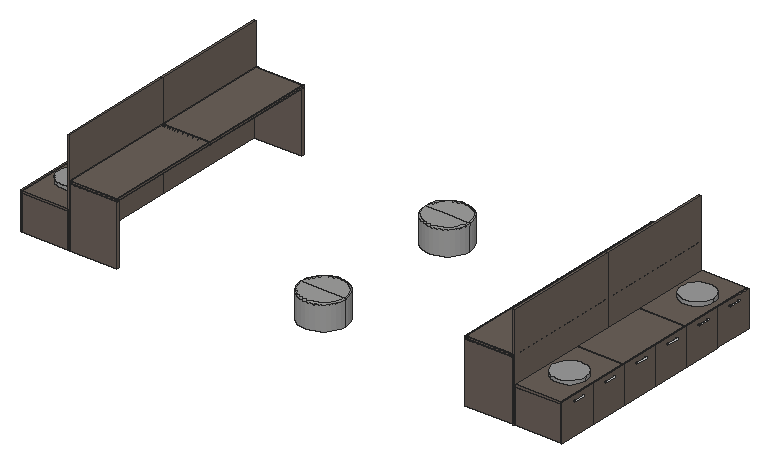
Revit family "T200163", category Furniture, Revit 2018
Family settings
  OmniClass Number = 23.40.20.00
  OmniClass Title = General Furniture and Specialties
  Work Plane-Based = No
  Always vertical = No
  Cut with Voids When Loaded = No
  Shared = No
  Room Calculation Point = No
Parameters (values of type "T200163")
  URL = "https://ofs.com/"
  Model = "T200163"
  Manufacturer = "OFS"
  Description = "OFS TYPICAL T200163"
  Copyright © = "©OFS 2021"
  Catalog = "https://ofs.com/2020-experience"
  Authoring Version = "Autodesk Revit Architecture 2015"
  Assembly Code = "E2020400"
Reference planes (in)
  plane 1 "Center Front/Back": y = 0
  plane 2: z = 0
  plane 3 "Center Left/Right": x = 0
Dimensions and locks (in)
  equal spacing: group 1, group 2, group 3  (x3)
  aligned and locked: level to plane 2
Nested families (in)
  nested 1: "OFS ELEMENT OPEN L DESK LEFT AND RIGHT 84in Width 60in Return" at (102, 18.84375, 84), type "ELEMENT OPEN L DESK LEFT RETURN 84in Width 60in Return"
    with Right Desk Ovelay no, Left Desk Overlay no, Desk Overlay Option yes
  nested 2: "STAKS ROUND CUSHION" at (-135.62955, -48.47235, -3.25), type "STAKS ROUND CUSHION"
  nested 3: "STAKS ROUND CUSHION" at (-135.62955, 25.74965, -3.25), type "STAKS ROUND CUSHION"
  nested 4: "STAKS END PANELS" at (-85.21493, -54.62535, 0), type "STAKS END PANEL 28 X 22"
  nested 5: "STAKS END PANELS" at (-85.21493, 52.37465, 0), type "STAKS END PANEL 28 X 22"
  nested 6: "STAKS RECTANGULAR WORKSURFACES Long Grain" at (-104.54859, -61.55498, 0.125) x (0, 1, 0) z (0, 0, 1), type "STAKS RECTANGULAR WORKSURFACE 54 x 22"
    with Height Above Floor 29"
  nested 7: "STAKS RECTANGULAR WORKSURFACES Long Grain" at (-104.54859, 61.55498, 0.125) x (0, -1, 0) z (0, 0, 1), type "STAKS RECTANGULAR WORKSURFACE 54 x 22"
    with Height Above Floor 29"
  nested 8: "STAKS SINGLE BENCH HEIGHT PEDESTAL - NO RISER SUPPORT" at (-123.71528, -14.99489, 0) x (0, -1, 0) z (0, 0, 1), type "STAKS SINGLE BENCH HEIGHT PEDESTAL - NO RISER SUPPORT 24"
    with DOOR DRAWER no
  nested 9: "STAKS SINGLE BENCH HEIGHT PEDESTAL - NO RISER SUPPORT" at (-123.71528, 21.00511, 0) x (0, -1, 0) z (0, 0, 1), type "STAKS SINGLE BENCH HEIGHT PEDESTAL - NO RISER SUPPORT 24"
    with DOOR DRAWER no
  nested 10: "STAKS SINGLE BENCH HEIGHT PEDESTAL - NO RISER SUPPORT" at (-123.71528, 57.00511, 0) x (0, -1, 0) z (0, 0, 1), type "STAKS SINGLE BENCH HEIGHT PEDESTAL - NO RISER SUPPORT 24"
    with DOOR DRAWER no
  nested 11: "STAKS SPINE OR DIVIDER WALL 48in" at (-105.54859, -61.55498, 0) x (0, 1, 0) z (0, 0, 1), type "STAKS SPINE OR DIVIDER WALL 48in X 54in"
    with Height Above Floor 48"
  nested 12: "STAKS SPINE OR DIVIDER WALL 48in" at (-105.54859, -7.55498, 0) x (0, 1, 0) z (0, 0, 1), type "STAKS SPINE OR DIVIDER WALL 48in X 54in"
    with Height Above Floor 48"
  nested 13: "OFS BOOST MINI SERIES ROUND" at (1.33821, 34.96414, 0), type "Mini Round Ottoman 20.75"
  nested 14: "OFS BOOST MINI SERIES ROUND" at (0.94461, -36.5014, 0), type "Mini Round Ottoman 20.75"
  nested 15: "STAKS ROUND CUSHION" at (135.62955, -48.47235, -3.25) x (-1, 0, 0) z (0, 0, 1), type "STAKS ROUND CUSHION"
  nested 16: "STAKS ROUND CUSHION" at (135.62955, 25.74965, -3.25) x (-1, 0, 0) z (0, 0, 1), type "STAKS ROUND CUSHION"
  nested 17: "STAKS END PANELS" at (85.21493, -54.62535, 0) x (-1, 0, 0) z (0, 0, 1), type "STAKS END PANEL 28 X 22"
  nested 18: "STAKS END PANELS" at (85.21493, 52.37465, 0) x (-1, 0, 0) z (0, 0, 1), type "STAKS END PANEL 28 X 22"
  nested 19: "STAKS RECTANGULAR WORKSURFACES Long Grain" at (104.54859, -61.55498, 0.125) x (0, 1, 0) z (0, 0, 1), type "STAKS RECTANGULAR WORKSURFACE 54 x 22"
    with Height Above Floor 29"
  nested 20: "STAKS RECTANGULAR WORKSURFACES Long Grain" at (104.54859, 61.55498, 0.125) x (0, -1, 0) z (0, 0, 1), type "STAKS RECTANGULAR WORKSURFACE 54 x 22"
    with Height Above Floor 29"
  nested 21: "STAKS SINGLE BENCH HEIGHT PEDESTAL - NO RISER SUPPORT" at (123.71528, -14.99489, 0) x (0, -1, 0) z (0, 0, 1), type "STAKS SINGLE BENCH HEIGHT PEDESTAL - NO RISER SUPPORT 24"
    with DOOR DRAWER no
  nested 22: "STAKS SINGLE BENCH HEIGHT PEDESTAL - NO RISER SUPPORT" at (123.71528, 21.00511, 0) x (0, -1, 0) z (0, 0, 1), type "STAKS SINGLE BENCH HEIGHT PEDESTAL - NO RISER SUPPORT 24"
    with DOOR DRAWER no
  nested 23: "STAKS SINGLE BENCH HEIGHT PEDESTAL - NO RISER SUPPORT" at (123.71528, 57.00511, 0) x (0, -1, 0) z (0, 0, 1), type "STAKS SINGLE BENCH HEIGHT PEDESTAL - NO RISER SUPPORT 24"
    with DOOR DRAWER no
  nested 24: "STAKS SPINE OR DIVIDER WALL 48in" at (105.54859, -61.55498, 0) x (0, 1, 0) z (0, 0, 1), type "STAKS SPINE OR DIVIDER WALL 48in X 54in"
    with Height Above Floor 48"
  nested 25: "STAKS SPINE OR DIVIDER WALL 48in" at (105.54859, -7.55498, 0) x (0, 1, 0) z (0, 0, 1), type "STAKS SPINE OR DIVIDER WALL 48in X 54in"
    with Height Above Floor 48"
Definition of nested family "STAKS ROUND CUSHION"
  Parameters (values of type "STAKS ROUND CUSHION")
    URL = "http://www.ofs.com/"
    Cushion Thickness = 1 1/2"
    Cushion Material = none
    Model = "6-20RSC"
    Manufacturer = "OFS"
    Height = 20 1/4"
    Description = "OFS STAKS ROUND CUSHION, Not Permanently Installed, this Cushion Simply Rests on the Surface"
    Width = 15"
    Depth = 15"
    Copyright © = "© 2018 OFS"
    Catalog = "https://ofs.com/products/casegoods/private-office/staks"
    Authoring Version = "Autodesk Revit Architecture 2013"
    Assembly Code = "E2020200"
  Reference planes (in)
    plane 1: z = 0
    plane 2 "Right": x = 20.97711
    plane 3: x = 13.47711
    plane 4: y = 5.00035
    plane 5: y = 20.00035
    plane 6: x = 28.47711
    plane 7: z = 20.25
    plane 8: z = 21.75
  Forms (in)
    Extrusion 1, solid, material <- "Cushion Material"
      sketch origin (0, 0, 0) x (1, 0, 0) y (0, 1, 0)
        loop
          circle (20.97711, 12.50035) r 7.5
      from 20.25 to 21.75
  Dimensions and locks (in)
    "Width": plane 3 to plane 6
    equal spacing: plane 3, plane 2 "Right", plane 6
    "Depth": plane 4 to plane 5
    "Cushion Thickness": plane 8 to plane 7
    "Height": plane 7 to level
    aligned and locked: level to plane 1
    aligned and locked: plane 8 to Extrusion 1
    aligned and locked: Extrusion 1 to plane 7
  Automatic sketch dimensions
    Extrusion 1 sketch curve to plane 2 "Right" = 0"
    Extrusion 1 sketch curve to plane 4 = 7 1/2"
    radius of Extrusion 1 sketch curve = 7 1/2"
Definition of nested family "STAKS END PANELS"
  Parameters (values of type "STAKS END PANEL 28 X 22")
    URL = "http://www.ofs.com"
    Width = 22"
    Model = "6-2822TEP"
    Manufacturer = "OFS"
    Height = 27 7/8"
    Description = "28 X 22 SUPPORT END PANEL"
    Copyright © = "©OFS 2018"
    Catalog = "https://ofs.com/products/casegoods/private-office/staks"
    Authoring Version = "Autodesk Revit Architecture 2018"
    Assembly Code = "E2020200"
  Types (6): name | Width | Model | Height | Description
    STAKS END PANEL 28 X 22 | 22" | "6-2822TEP" | 27 7/8" | "28 X 22 SUPPORT END PANEL"
    STAKS END PANEL 28 X 30 | 30" | "6-2830TEP" | 27 7/8" | "28 X 30 SUPPORT END PANEL"
    STAKS END PANEL 28 X 36 | 36" | "6-2836TEP" | 27 7/8" | "28 X 36 SUPPORT END PANEL"
    STAKS END PANEL 28 X 22 MEP | 22" | "6-2822MEP" | 27 7/8" | "28 X 22 SUPPORT END PANEL MEP"
    STAKS END PANEL 21 x 22 | 22" | "6-2122TEP" | 21 7/8" | "21 X 22 SUPPORT END PANEL"
    STAKS END PANEL 21 X 22 MEP | 22" | "6-2122MEP" | 21 7/8" | "21 X 22 SUPPORT END PANEL MEP"
  Reference planes (in)
    plane 1: z = 0
    plane 2 "Back": y = 1.62535
    plane 3 "PANEL Top": z = 27.375
    plane 4 "RIGHT": x = -6.5
    plane 5: y = 0.62535
    plane 6: x = 4.5
    plane 7: x = -17.5
    plane 8: z = 27.875
    plane 9: x = 4.375
    plane 10: x = -17.375
  Forms (in)
    Extrusion 1, solid
      sketch origin (-5.5, 5, -0.18015) x (0, 1, 0) y (0, 0, 1)
        loop
          line (-4.37465, 28.05515) -> (-4.37465, 0.18015) -> (-3.37465, 0.18015) -> (-3.37465, 28.05515) -> (-4.37465, 28.05515)
      from -12 to 10
    Extrusion 2, solid
      sketch origin (0, 0, 27.375) x (-1, 0, 0) y (0, -1, 0)
        loop
          line (17.375, -1.50035) -> (17.375, -0.75035) -> (-4.375, -0.75035) -> (-4.375, -1.50035) -> (17.375, -1.50035)
      from 0.5 to 0
  Lines and regions (in)
    Masking region 1
      outline origin (-5.5, 0, 0) x (1, 0, 0) y (0, 1, 0)
        loop
          line (-12, 1.62535) -> (-12, 0.62535) -> (10, 0.62535) -> (10, 1.62535) -> (-12, 1.62535)
  Dimensions and locks (in)
    locked: plane 5 to plane 2 "Back" at 1
    equal spacing: plane 7, plane 4 "RIGHT", plane 6
    "Width": plane 7 to plane 6
    locked: plane 7 to plane 10 at 0.125
    locked: plane 9 to plane 6 at 0.125
    "Height": plane 8 to level
    locked: plane 8 to plane 3 "PANEL Top" at 0.5
    aligned and locked: level to plane 1
    aligned and locked: plane 5 to Extrusion 1
    aligned and locked: plane 5 to Masking region 1
    aligned and locked: Masking region 1 to plane 2 "Back"
    aligned and locked: Extrusion 1 to plane 2 "Back"
    aligned and locked: plane 6 to Masking region 1
    aligned and locked: plane 6 to Extrusion 1
    aligned and locked: Extrusion 1 to plane 7
    aligned and locked: Masking region 1 to plane 7
    aligned: plane 3 "PANEL Top" to Extrusion 1
    aligned and locked: plane 8 to Extrusion 1
    aligned and locked: Extrusion 2 sketch curve to plane 10
    aligned and locked: plane 9 to Extrusion 2 sketch curve
    aligned and locked: Extrusion 2 to plane 8
    aligned and locked: plane 3 "PANEL Top" to Extrusion 2
  Automatic sketch dimensions
    plane 3 "PANEL Top" to Extrusion 1 sketch curve = 1/2"
    Extrusion 1 sketch curve to plane 5 = 0"
    Extrusion 1 sketch curve to level = 0"
    Extrusion 1 sketch curve to plane 2 "Back" = 0"
    plane 5 to Masking region 1 sketch curve = 0"
    Masking region 1 sketch curve to plane 7 = 0"
    plane 2 "Back" to Masking region 1 sketch curve = 0"
    Masking region 1 sketch curve to plane 6 = 0"
    plane 2 "Back" to Extrusion 2 sketch curve = 1/8"
    Extrusion 2 sketch curve to plane 5 = 1/8"
Definition of nested family "STAKS RECTANGULAR WORKSURFACES Long Grain"
  Parameters (values of type "STAKS RECTANGULAR WORKSURFACE 42 x 22")
    URL = "http://www.ofs.com/"
    Staks Rectangular Worksurface = none
    Height Above Floor [instance] = 29"
    Height = 1 1/8"
    Depth = 22"
    Model = "6-MCT-42/22"
    Manufacturer = "OFS"
    Description = "OFS STAKS 42 X 22 RECTANGULAR WORKSURFACE For Worksurface or Low Height Applications, Long Grain"
    Width = 42"
    Copyright © = "© 2018 OFS"
    Catalog = "https://ofs.com/products/casegoods/private-office/staks"
    Authoring Version = "Autodesk Revit Architecture 2013"
    Assembly Code = "E2020200"
  Types (27): name | Model | Description | Width
    STAKS RECTANGULAR WORKSURFACE 15.625 x 22 | "6-MCT-15.625/22" | "OFS STAKS 15.625 X 22 RECTANGULAR WORKSURFACE For Worksurface or Low Height Applications, Long Grain" | 15 5/8"
    STAKS RECTANGULAR WORKSURFACE 24 x 22 | "6-MCT-24/22" | "OFS STAKS 24 X 22 RECTANGULAR WORKSURFACE For Worksurface or Low Height Applications, Long Grain" | 24"
    STAKS RECTANGULAR WORKSURFACE 30 x 22 | "6-MCT-30/22" | "OFS STAKS 30 X 22 RECTANGULAR WORKSURFACE For Worksurface or Low Height Applications, Long Grain" | 30"
    STAKS RECTANGULAR WORKSURFACE 34 x 22 | "6-MCT-34/22" | "OFS STAKS 34 X 22 RECTANGULAR WORKSURFACE For Worksurface or Low Height Applications, Long Grain" | 34"
    STAKS RECTANGULAR WORKSURFACE 36 x 22 | "6-MCT-36/22" | "OFS STAKS 36 X 22 RECTANGULAR WORKSURFACE For Worksurface or Low Height Applications, Long Grain" | 36"
    STAKS RECTANGULAR WORKSURFACE 42 x 22 | "6-MCT-42/22" | "OFS STAKS 42 X 22 RECTANGULAR WORKSURFACE For Worksurface or Low Height Applications, Long Grain" | 42"
    STAKS RECTANGULAR WORKSURFACE 46 x 22 | "6-MCT-46/22" | "OFS STAKS 46 X 22 RECTANGULAR WORKSURFACE For Worksurface or Low Height Applications, Long Grain" | 46"
    STAKS RECTANGULAR WORKSURFACE 48 x 22 | "6-MCT-48/22" | "OFS STAKS 48 X 22 RECTANGULAR WORKSURFACE For Worksurface or Low Height Applications, Long Grain" | 48"
    STAKS RECTANGULAR WORKSURFACE 48.5 x 22 | "6-MCT-48.5/22" | "OFS STAKS 48.5 X 22 RECTANGULAR WORKSURFACE For Worksurface or Low Height Applications, Long Grain" | 48 1/2"
    STAKS RECTANGULAR WORKSURFACE 54 x 22 | "6-MCT-54/22" | "OFS STAKS 54 X 22 RECTANGULAR WORKSURFACE For Worksurface or Low Height Applications, Long Grain" | 54"
    STAKS RECTANGULAR WORKSURFACE 55.5 x 22 | "6-MCT-55.5/22" | "OFS STAKS 55.5 X 22 RECTANGULAR WORKSURFACE For Worksurface or Low Height Applications, Long Grain" | 55 1/2"
    STAKS RECTANGULAR WORKSURFACE 59 x 22 | "6-MCT-59/22" | "OFS STAKS 59 X 22 RECTANGULAR WORKSURFACE For Worksurface or Low Height Applications, Long Grain" | 59"
    STAKS RECTANGULAR WORKSURFACE 60 x 22 | "6-MCT-60/22" | "OFS STAKS 60 X 22 RECTANGULAR WORKSURFACE For Worksurface or Low Height Applications, Long Grain" | 60"
    STAKS RECTANGULAR WORKSURFACE 64 x 22 | "6-MCT-64/22" | "OFS STAKS 64 X 22 RECTANGULAR WORKSURFACE For Worksurface or Low Height Applications, Long Grain" | 64"
    STAKS RECTANGULAR WORKSURFACE 66 x 22 | "6-MCT-66/22" | "OFS STAKS 66 X 22 RECTANGULAR WORKSURFACE For Worksurface or Low Height Applications, Long Grain" | 66"
    STAKS RECTANGULAR WORKSURFACE 69.625 x 22 | "6-MCT-69.625/22" | "OFS STAKS 69.625 X 22 RECTANGULAR WORKSURFACE For Worksurface or Low Height Applications, Long Grain" | 69 5/8"
    STAKS RECTANGULAR WORKSURFACE 70.5 x 22 | "6-MCT-70.5/22" | "OFS STAKS 70.5 X 22 RECTANGULAR WORKSURFACE For Worksurface or Low Height Applications, Long Grain" | 70 1/2"
    STAKS RECTANGULAR WORKSURFACE 72 x 22 | "6-MCT-72/22" | "OFS STAKS 72 X 22 RECTANGULAR WORKSURFACE For Worksurface or Low Height Applications, Long Grain" | 72"
    STAKS RECTANGULAR WORKSURFACE 74 x 22 | "6-MCT-74/22" | "OFS STAKS 74 X 22 RECTANGULAR WORKSURFACE For Worksurface or Low Height Applications, Long Grain" | 74"
    STAKS RECTANGULAR WORKSURFACE 78 x 22 | "6-MCT-78/22" | "OFS STAKS 78 X 22 RECTANGULAR WORKSURFACE For Worksurface or Low Height Applications, Long Grain" | 78"
    STAKS RECTANGULAR WORKSURFACE 82.5 x 22 | "6-MCT-82.5/22" | "OFS STAKS 82.5 X 22 RECTANGULAR WORKSURFACE For Worksurface or Low Height Applications, Long Grain" | 82 1/2"
    STAKS RECTANGULAR WORKSURFACE 84 x 22 | "6-MCT-84/22" | "OFS STAKS 84 X 22 RECTANGULAR WORKSURFACE For Worksurface or Low Height Applications, Long Grain" | 84"
    STAKS RECTANGULAR WORKSURFACE 87.625 x 22 | "6-MCT-87.625/22" | "OFS STAKS 87.625 X 22 RECTANGULAR WORKSURFACE For Worksurface or Low Height Applications, Long Grain" | 87 5/8"
    STAKS RECTANGULAR WORKSURFACE 90 x 22 | "6-MCT-90/22" | "OFS STAKS 90 X 22 RECTANGULAR WORKSURFACE For Worksurface or Low Height Applications, Long Grain" | 90"
    STAKS RECTANGULAR WORKSURFACE 94 x 22 | "6-MCT-94/22" | "OFS STAKS 94 X 22 RECTANGULAR WORKSURFACE For Worksurface or Low Height Applications, Long Grain" | 94"
    STAKS RECTANGULAR WORKSURFACE 96 x 22 | "6-MCT-96/22" | "OFS STAKS 96 X 22 RECTANGULAR WORKSURFACE For Worksurface or Low Height Applications, Long Grain" | 96"
    STAKS RECTANGULAR WORKSURFACE 40 x 22 | "6-MCT-40/22" | "OFS STAKS 42 X 22 RECTANGULAR WORKSURFACE For Worksurface or Low Height Applications, Long Grain" | 40"
  Reference planes (in)
    plane 1: z = -0.125
    plane 2 "LEFT": x = 7.55498
    plane 3 "RIGHT": x = 49.55498
    plane 4 "BACK": y = -1.83365
    plane 5 "FRONT": y = -23.83365
    plane 6: x = 7.67998
    plane 7: x = 49.42998
    plane 8: y = -1.95865
    plane 9: y = -23.70865
    plane 10: z = 27.75
    plane 11 "SURFACE TOP": z = 28.875
  Forms (in)
    Extrusion 1, solid, material <- "Staks Rectangular Worksurface"
      sketch origin (0, 0, 17.125) x (-1, 0, 0) y (0, -1, 0)
        loop
          line (-7.67998, 1.95865) -> (-7.67998, 23.70865) -> (-49.42998, 23.70865) -> (-49.42998, 1.95865) -> (-7.67998, 1.95865)
      from 11.75 to 10.625
    Sweep 2, solid
      path origin (0, 0, 28.875) x (0, 1, 0) y (-1, 0, 0)
        loop
          line (-23.83365, -7.55498) -> (-23.83365, -49.55498) -> (-1.83365, -49.55498) -> (-1.83365, -7.55498) -> (-23.83365, -7.55498)
      profile origin (28.55498, -23.83365, 28.875) x (0, 1, 0) y (0, 0, 1)
        loop
          arc (0.125, 0) -> (0.03661, -0.03661) -> (0, -0.125) r 0.125
          line (0, -0.125) -> (0, -1)
          arc (0, -1) -> (0.03661, -1.08839) -> (0.125, -1.125) r 0.125
          line (0.125, -1.125) -> (0.125, 0)
  Lines and regions (in)
    Masking region 1
      outline origin (0, 0, 16.625) x (-1, 0, 0) y (0, -1, 0)
        loop
          line (-7.67998, 1.95865) -> (-7.55498, 1.83365) -> (-7.55498, 23.83365) -> (-7.67998, 23.70865) -> (-7.67998, 1.95865)
    Masking region 2
      outline origin (0, 0, 16.625) x (-1, 0, 0) y (0, -1, 0)
        loop
          line (-7.55498, 1.83365) -> (-7.67998, 1.95865) -> (-49.42998, 1.95865) -> (-49.55498, 1.83365) -> (-7.55498, 1.83365)
    Masking region 3
      outline origin (0, 0, 16.625) x (-1, 0, 0) y (0, -1, 0)
        loop
          line (-49.55498, 1.83365) -> (-49.42998, 1.95865) -> (-49.42998, 23.70865) -> (-49.55498, 23.83365) -> (-49.55498, 1.83365)
    Masking region 4
      outline origin (0, 0, 16.625) x (-1, 0, 0) y (0, -1, 0)
        loop
          line (-49.55498, 23.83365) -> (-49.42998, 23.70865) -> (-7.67998, 23.70865) -> (-7.55498, 23.83365) -> (-49.55498, 23.83365)
    Masking region 5
      outline origin (0, 0, 16.625) x (-1, 0, 0) y (0, -1, 0)
        loop
          line (-49.42998, 23.70865) -> (-49.42998, 1.95865) -> (-7.67998, 1.95865) -> (-7.67998, 23.70865) -> (-49.42998, 23.70865)
  Dimensions and locks (in)
    "Depth": plane 4 "BACK" to plane 5 "FRONT"
    "Width": plane 2 "LEFT" to plane 3 "RIGHT"
    "Height": plane 11 "SURFACE TOP" to plane 10
    locked: plane 4 "BACK" to plane 8 at 0.125
    locked: plane 2 "LEFT" to plane 6 at 0.125
    locked: plane 7 to plane 3 "RIGHT" at 0.125
    locked: plane 9 to plane 5 "FRONT" at 0.125
    "Height Above Floor": plane 11 "SURFACE TOP" to level
    aligned: level to plane 1
    aligned and locked: plane 8 to Extrusion 1 sketch curve
    aligned and locked: Extrusion 1 sketch curve to plane 6
    aligned and locked: Extrusion 1 sketch curve to plane 9
    aligned and locked: plane 7 to Extrusion 1 sketch curve
    aligned and locked: plane 11 "SURFACE TOP" to Extrusion 1
    aligned and locked: Extrusion 1 to plane 10
    aligned and locked: Sweep 2 sketch curve to plane 5 "FRONT"
    aligned and locked: Sweep 2 sketch curve to plane 2 "LEFT"
    aligned and locked: plane 4 "BACK" to Sweep 2 sketch curve
    aligned and locked: plane 3 "RIGHT" to Sweep 2 sketch curve
  Automatic sketch dimensions
    Masking region 1 sketch curve to plane 6 = 0"
    Masking region 1 sketch curve to plane 2 "LEFT" = 0"
    Masking region 1 sketch curve to plane 4 "BACK" = 0"
    Masking region 1 sketch curve to plane 8 = 0"
    Masking region 1 sketch curve to plane 9 = 0"
    Masking region 1 sketch curve to plane 5 "FRONT" = 0"
    Masking region 2 sketch curve to plane 3 "RIGHT" = 0"
    Masking region 2 sketch curve to plane 7 = 0"
    Masking region 2 sketch curve to plane 6 = 0"
    Masking region 2 sketch curve to plane 2 "LEFT" = 0"
    Masking region 2 sketch curve to plane 4 "BACK" = 0"
    Masking region 2 sketch curve to plane 8 = 0"
    Masking region 3 sketch curve to plane 3 "RIGHT" = 0"
    Masking region 3 sketch curve to plane 7 = 0"
    Masking region 3 sketch curve to plane 4 "BACK" = 0"
    Masking region 3 sketch curve to plane 8 = 0"
    Masking region 3 sketch curve to plane 9 = 0"
    Masking region 3 sketch curve to plane 5 "FRONT" = 0"
    Masking region 4 sketch curve to plane 3 "RIGHT" = 0"
    Masking region 4 sketch curve to plane 7 = 0"
    Masking region 4 sketch curve to plane 6 = 0"
    Masking region 4 sketch curve to plane 2 "LEFT" = 0"
    Masking region 4 sketch curve to plane 9 = 0"
    Masking region 4 sketch curve to plane 5 "FRONT" = 0"
    Masking region 5 sketch curve to plane 7 = 0"
    Masking region 5 sketch curve to plane 6 = 0"
    Masking region 5 sketch curve to plane 8 = 0"
    Masking region 5 sketch curve to plane 9 = 0"
    Sweep 2 sketch curve to profile plane = 0"
    Sweep 2 sketch curve to plane 11 "SURFACE TOP" = 0"
    Sweep 2 sketch curve to profile plane = 1/8"
    Sweep 2 sketch curve to Sweep 2 sketch curve = 7/8"
Definition of nested family "STAKS SINGLE BENCH HEIGHT PEDESTAL - NO RISER SUPPORT"
  Parameters (values of type "STAKS SINGLE BENCH HEIGHT PEDESTAL - NO RISER SUPPORT 36")
    URL = "http://www.ofs.com/"
    Top Thickness = 1"
    Riser Support = 0"
    Model = "6-N3622SSHC"
    Manufacturer = "OFS"
    Height = 17"
    Drawer Material = none
    Drawer Handle Width = 5 1/4"
    Drawer Handle Material = none
    Description = "OFS STAKS SINGLE BENCH HEIGHT PEDESTAL - NO RISER SUPPORT 36\"W x 22\" D, Single Pedestal, Use with 22\"D Worksurfaces"
    Width = 36"
    Depth = 21 7/8"
    DOOR DRAWER = yes
    DH2 = 6 1/2"
    DH1 = 10"
    Copyright © = "© 2018 OFS"
    Chasis Material = none
    Catalog = "https://ofs.com/products/casegoods/private-office/staks"
    Board Thickness = 3/4"
    Authoring Version = "Autodesk Revit Architecture 2013"
    Assembly Code = "E2020200"
    2 Door = yes
  Types (3): name | Model | Description | Width
    STAKS SINGLE BENCH HEIGHT PEDESTAL - NO RISER SUPPORT 24 | "6-N3622SSHC" | "OFS STAKS SINGLE BENCH HEIGHT PEDESTAL - NO RISER SUPPORT 36\"W x 22\" D, Single Pedestal, Use with 22\"D Worksurfaces" | 36"
    STAKS SINGLE BENCH HEIGHT PEDESTAL - NO RISER SUPPORT 30 | "6-N3022SSHC" | "OFS STAKS SINGLE BENCH HEIGHT PEDESTAL - NO RISER SUPPORT 30\"W x 22\" D, Single Pedestal, Use with 22\"D Worksurfaces" | 30"
    STAKS SINGLE BENCH HEIGHT PEDESTAL - NO RISER SUPPORT 36 | "6-N3622SSHC" | "OFS STAKS SINGLE BENCH HEIGHT PEDESTAL - NO RISER SUPPORT 36\"W x 22\" D, Single Pedestal, Use with 22\"D Worksurfaces" | 36"
  Reference planes (in)
    plane 1: z = 0
    plane 2 "Right": x = 20.97711
    plane 3: z = 17
    plane 4: z = 10
    plane 5: z = 9.875
    plane 6: z = 0
    plane 7: z = 9.625
    plane 8: z = 16.75
    plane 9: z = 9.156
    plane 10: z = 16
    plane 11: x = 2.97711
    plane 12: y = -1.12465
    plane 13: y = -1.87465
    plane 14: x = 3.03961
    plane 15: x = 38.91411
    plane 16: x = 3.72711
    plane 17: y = 20.00035
    plane 18: x = 38.97711
    plane 19: x = 38.22711
    plane 20: y = -2.68715
    plane 21: y = -2.87465
    plane 22: z = 0.25
    plane 23: y = 19.25035
    plane 24: z = 0.75
    plane 25: y = 16.75035
    plane 26: y = 1.87535
    plane 27: y = 5.87535
    plane 28: y = 12.75035
    plane 29: y = 2.50035
    plane 30: y = 13.37535
    plane 31: x = 21.35211
    plane 32: x = 20.60211
    plane 33: x = 21.00836
    plane 34: x = 20.94586
    plane 35: x = 11.99274
    plane 36: x = 14.61774
    plane 37: x = 9.36774
    plane 38: x = 9.74274
    plane 39: x = 14.24274
    plane 40: x = 29.96124
    plane 41: x = 27.33624
    plane 42: x = 32.58624
    plane 43: x = 32.21124
    plane 44: x = 27.71124
  Forms (in)
    Extrusion 1, solid, material <- "Chasis Material"
      sketch origin (-3, -1.24965, 0) x (1, 0, 0) y (0, 0, 1)
        loop
          line (5.97711, 0) -> (6.72711, 0) -> (6.72711, 16) -> (5.97711, 16) -> (5.97711, 0)
      from -21.25 to -0.125
    Extrusion 2, solid, material <- "Chasis Material"
      sketch origin (19.35211, 31.02324, 0) x (0, 1, 0) y (0, 0, 1)
        loop
          line (-11.77289, 0) -> (-11.02289, 0) -> (-11.02289, 16) -> (-11.77289, 16) -> (-11.77289, 0)
      from -15.625 to 18.875
    Extrusion 3, solid, material <- "Chasis Material"
      sketch origin (0, 0, 0) x (1, 0, 0) y (0, 1, 0)
        loop
          line (38.97711, 20.00035) -> (38.22711, 20.00035) -> (38.22711, -1.12465) -> (38.97711, -1.12465) -> (38.97711, 20.00035)
      from 0 to 16
    Extrusion 4, solid, material <- "Chasis Material"
      sketch origin (-29.79592, -1.62465, 7.24693) x (1, 0, 0) y (0, 0, 1)
        loop
          line (32.77304, 8.75307) -> (68.77304, 8.75307) -> (68.77304, 9.75307) -> (32.77304, 9.75307) -> (32.77304, 8.75307)
      from -21.625 to -0.5
    Extrusion 5, solid, material <- "Chasis Material"
      sketch origin (-31.5409, -1.62465, -42.72261) x (1, 0, 0) y (0, 0, 1)
        loop
          line (35.26801, 42.72261) -> (69.76801, 42.72261) -> (69.76801, 43.47261) -> (35.26801, 43.47261) -> (35.26801, 42.72261)
      from -20.875 to -0.5
    Extrusion 6, solid, material <- "Drawer Material", visible <- "2 Door"
      sketch origin (0, 1.87535, 0) x (1, 0, 0) y (0, 0, 1)
        loop
          line (2.97711, 17) -> (2.97711, 0) -> (20.94586, 0) -> (20.94586, 17) -> (2.97711, 17)
      from 3 to 3.75
    Extrusion 7, solid, material <- "Drawer Material", visible <- "2 Door"
      sketch origin (0, 1.87535, 0) x (1, 0, 0) y (0, 0, 1)
        loop
          line (21.00836, 17) -> (21.00836, 0) -> (38.97711, 0) -> (38.97711, 17) -> (21.00836, 17)
      from 3 to 3.75
    Extrusion 8, solid, material <- "Drawer Handle Material", visible <- "2 Door"
      sketch origin (-18.64789, 16.12535, 0) x (-1, 0, 0) y (0, -1, 0)
        loop
          line (-28.01563, 19) -> (-33.26563, 19) -> (-33.26563, 18) -> (-32.89063, 18) -> (-32.89063, 18.8125) -> (-28.39063, 18.8125) -> (-28.39063, 18) -> (-28.01563, 18) -> (-28.01563, 19)
      from 14.78125 to 15.25
    Extrusion 9, solid, material <- "Drawer Handle Material", visible <- "2 Door"
      sketch origin (60.60211, 16.12535, 0) x (1, 0, 0) y (0, 1, 0)
        loop
          line (-28.01587, -19) -> (-28.01587, -18) -> (-28.39087, -18) -> (-28.39087, -18.8125) -> (-32.89087, -18.8125) -> (-32.89087, -18) -> (-33.26587, -18) -> (-33.26587, -19) -> (-28.01587, -19)
      from 14.78125 to 15.25
    Extrusion 10, solid, material <- "Drawer Material", visible <- "DOOR DRAWER"
      sketch origin (0, 0, 0) x (1, 0, 0) y (0, 1, 0)
        loop
          line (2.97711, -1.12465) -> (2.97711, -1.87465) -> (38.97711, -1.87465) -> (38.97711, -1.12465) -> (2.97711, -1.12465)
      from 0 to 17
    Extrusion 11, solid, material <- "Drawer Handle Material", visible <- "DOOR DRAWER"
      sketch origin (-39.8044, 3.04395, 0) x (-1, 0, 0) y (0, -1, 0)
        loop
          line (-49.17213, 5.9186) -> (-72.39063, 5.9186) -> (-72.39063, 4.9186) -> (-72.01563, 4.9186) -> (-72.01563, 5.7311) -> (-49.54713, 5.7311) -> (-49.54713, 4.9186) -> (-49.17213, 4.9186) -> (-49.17213, 5.9186)
      from 14.78125 to 15.25
  Dimensions and locks (in)
    "Board Thickness": plane 13 to plane 12
    locked: plane 11 to plane 14 at 0.0625
    "Board Thickness": plane 11 to plane 16
    locked: plane 15 to plane 18 at 0.063
    "Width": plane 11 to plane 18
    Extrusion 3 sketch curve to plane 18 = 3/4"
    "Board Thickness": plane 19 to plane 18
    equal spacing: plane 11, plane 2 "Right", plane 18
    plane 21 to plane 20 to plane 13 = 3/16" locked, 13/16" locked
    "Riser Support": plane 6 to level
    "Height": plane 3 to plane 6
    "DH1": plane 4 to plane 6
    locked: plane 22 to plane 6 at 0.25
    "Board Thickness": plane 23 to plane 17
    "Depth": plane 13 to plane 17
    plane 4 to plane 5 to plane 7 to plane 9 = 1/8" locked, 1/4" locked, 0.469" locked
    "Board Thickness": plane 24 to plane 6
    plane 12 to plane 26 to plane 27 = 3" locked, 4" locked
    plane 28 to plane 25 to plane 23 = 4" locked, 2 1/2" locked
    locked: plane 26 to plane 29 at 0.625
    locked: plane 28 to plane 30 at 0.625
    equal spacing: plane 32, plane 2 "Right", plane 31
    "Board Thickness": plane 32 to plane 31
    equal spacing: plane 34, plane 2 "Right", plane 33
    equal spacing: plane 14, plane 35, plane 34
    equal spacing: plane 37, plane 35, plane 36
    "Drawer Handle Width": plane 37 to plane 36
    locked: plane 37 to plane 38 at 0.375
    locked: plane 39 to plane 36 at 0.375
    equal spacing: plane 15, plane 40, plane 33
    equal spacing: plane 42, plane 40, plane 41
    "Drawer Handle Width": plane 42 to plane 41
    locked: plane 42 to plane 43 at 0.375
    locked: plane 44 to plane 41 at 0.375
    "Top Thickness": plane 3 to plane 10
    equal spacing: plane 32, Extrusion 6 sketch curve, plane 2 "Right"
    aligned and locked: level to plane 1
    aligned and locked: plane 12 to Extrusion 1
    aligned and locked: Extrusion 1 to plane 17
    aligned and locked: Extrusion 2 to plane 16
    aligned and locked: plane 16 to Extrusion 1
    aligned and locked: Extrusion 1 to plane 11
    aligned and locked: Extrusion 2 to plane 17
    aligned and locked: plane 19 to Extrusion 2
    aligned and locked: Extrusion 3 to plane 19
    aligned and locked: Extrusion 3 to plane 6
    aligned and locked: plane 3 to Extrusion 4
    aligned and locked: Extrusion 4 to plane 10
    aligned and locked: plane 24 to Extrusion 5
    aligned and locked: Extrusion 5 to plane 6
    aligned and locked: Extrusion 5 to plane 23
    aligned and locked: plane 12 to Extrusion 5
    aligned and locked: plane 19 to Extrusion 5
    aligned and locked: Extrusion 5 to plane 16
    aligned and locked: plane 12 to Extrusion 4
    aligned and locked: Extrusion 2 to plane 6
    aligned and locked: Extrusion 1 to plane 6
    aligned and locked: plane 10 to Extrusion 1
    aligned and locked: plane 10 to Extrusion 2
    aligned and locked: plane 10 to Extrusion 3
    aligned and locked: Extrusion 4 to plane 11
    aligned and locked: plane 18 to Extrusion 4
    aligned and locked: Extrusion 4 to plane 17
    aligned and locked: Extrusion 6 sketch curve to Extrusion 4  (x2)
    aligned and locked: level to Extrusion 6 sketch curve
    aligned and locked: Extrusion 6 to plane 12
    aligned and locked: Extrusion 7 sketch curve to plane 3
    aligned and locked: plane 33 to Extrusion 7 sketch curve
    aligned and locked: Extrusion 7 sketch curve to Extrusion 3  (x2)
    aligned and locked: Extrusion 7 to plane 12
    aligned and locked: plane 13 to Extrusion 6
    aligned and locked: plane 13 to Extrusion 7
    aligned and locked: plane 21 to Extrusion 8 sketch curve
    aligned and locked: Extrusion 8 sketch curve to plane 20
    aligned and locked: plane 37 to Extrusion 8 sketch curve
    aligned and locked: plane 38 to Extrusion 8 sketch curve
    aligned and locked: Extrusion 8 sketch curve to plane 39
    aligned and locked: Extrusion 8 sketch curve to plane 36
    aligned and locked: Extrusion 9 sketch curve to plane 21
    aligned and locked: plane 20 to Extrusion 9 sketch curve
    aligned and locked: plane 41 to Extrusion 9 sketch curve
    aligned and locked: plane 44 to Extrusion 9 sketch curve
    aligned and locked: Extrusion 9 sketch curve to plane 42
    aligned and locked: Extrusion 9 sketch curve to plane 43
    aligned and locked: plane 13 to Extrusion 9 sketch curve  (x2)
    aligned and locked: Extrusion 10 sketch curve to Extrusion 4  (x2)
    aligned and locked: Extrusion 10 sketch curve to plane 18
    aligned and locked: Extrusion 10 sketch curve to plane 13
    aligned and locked: plane 3 to Extrusion 10
    aligned and locked: Extrusion 10 to plane 6
    aligned and locked: plane 37 to Extrusion 11 sketch curve
    aligned and locked: Extrusion 11 sketch curve to Extrusion 8
    aligned and locked: Extrusion 11 sketch curve to plane 20
    aligned and locked: plane 38 to Extrusion 11 sketch curve
    aligned and locked: Extrusion 11 sketch curve to plane 42
    aligned and locked: Extrusion 11 sketch curve to plane 43
  Automatic sketch dimensions
    Extrusion 1 sketch curve to level = 0"
    Extrusion 1 sketch curve to plane 11 = 0"
    Extrusion 1 sketch curve to plane 10 = 0"
    Extrusion 1 sketch curve to plane 16 = 0"
    Extrusion 2 sketch curve to level = 0"
    Extrusion 2 sketch curve to plane 10 = 0"
    Extrusion 2 sketch curve to plane 17 = 0"
    plane 23 to Extrusion 2 sketch curve = 0"
    plane 12 to Extrusion 3 sketch curve = 0"
    Extrusion 3 sketch curve to plane 18 = 0"
    plane 17 to Extrusion 3 sketch curve = 0"
    Extrusion 4 sketch curve to plane 10 = 0"
    Extrusion 4 sketch curve to plane 11 = 0"
    Extrusion 4 sketch curve to plane 3 = 0"
    Extrusion 4 sketch curve to plane 18 = 0"
    Extrusion 5 sketch curve to level = 0"
    Extrusion 5 sketch curve to plane 16 = 0"
    Extrusion 5 sketch curve to plane 19 = 0"
    Extrusion 5 sketch curve to plane 24 = 0"
    plane 34 to Extrusion 6 sketch curve = 0"
    plane 13 to Extrusion 8 sketch curve = 0"  (x2)
    Extrusion 11 sketch curve to plane 21 = 1"
    Extrusion 11 sketch curve to Extrusion 11 sketch curve = 13/16"
Definition of nested family "STAKS SPINE OR DIVIDER WALL 48in"
  Parameters (values of type "STAKS SPINE OR DIVIDER WALL 48in X 30in")
    URL = "http://www.ofs.com/"
    Staks Spine or Divider Wall = none
    Height Above Floor [instance] = 48"
    Height = 48"
    Depth = 1"
    Model = "6-PAN-48/30"
    Manufacturer = "OFS"
    Description = "OFS STAKS SPINE OR DIVIDER WALL 48\" Height x 30\" Width, Levelers allow 2.5\" Height Adjustability for Uneven Floor"
    Width = 30"
    Copyright © = "© 2018 OFS"
    Catalog = "https://ofs.com/products/casegoods/private-office/staks"
    Authoring Version = "Autodesk Revit Architecture 2013"
    Assembly Code = "E2020200"
  Types (19): name | Model | Description | Width
    STAKS SPINE OR DIVIDER WALL 48in X 24in | "6-PAN-48/24" | "OFS STAKS SPINE OR DIVIDER WALL 48\" Height x 24\" Width, Levelers allow 2.5\" Height Adjustability for Uneven Floor" | 24"
    STAKS SPINE OR DIVIDER WALL 48in X 33in | "6-PAN-48/33" | "OFS STAKS SPINE OR DIVIDER WALL 48\" Height x 33\" Width, Levelers allow 2.5\" Height Adjustability for Uneven Floor" | 33"
    STAKS SPINE OR DIVIDER WALL 48in X 26in | "6-PAN-48/26" | "OFS STAKS SPINE OR DIVIDER WALL 48\" Height x 26\" Width, Levelers allow 2.5\" Height Adjustability for Uneven Floor" | 26"
    STAKS SPINE OR DIVIDER WALL 48in X 30in | "6-PAN-48/30" | "OFS STAKS SPINE OR DIVIDER WALL 48\" Height x 30\" Width, Levelers allow 2.5\" Height Adjustability for Uneven Floor" | 30"
    STAKS SPINE OR DIVIDER WALL 48in X 36in | "6-PAN-48/36" | "OFS STAKS SPINE OR DIVIDER WALL 48\" Height x 36\" Width, Levelers allow 2.5\" Height Adjustability for Uneven Floor" | 36"
    STAKS SPINE OR DIVIDER WALL 48in X 37in | "6-PAN-48/37" | "OFS STAKS SPINE OR DIVIDER WALL 48\" Height x 37\" Width, Levelers allow 2.5\" Height Adjustability for Uneven Floor" | 37"
    STAKS SPINE OR DIVIDER WALL 48in X 39in | "6-PAN-48/39" | "OFS STAKS SPINE OR DIVIDER WALL 48\" Height x 39\" Width, Levelers allow 2.5\" Height Adjustability for Uneven Floor" | 39"
    STAKS SPINE OR DIVIDER WALL 48in X 40in | "6-PAN-48/40" | "OFS STAKS SPINE OR DIVIDER WALL 48\" Height x 40\" Width, Levelers allow 2.5\" Height Adjustability for Uneven Floor" | 40"
    STAKS SPINE OR DIVIDER WALL 48in X 42in | "6-PAN-48/42" | "OFS STAKS SPINE OR DIVIDER WALL 48\" Height x 42\" Width, Levelers allow 2.5\" Height Adjustability for Uneven Floor" | 42"
    STAKS SPINE OR DIVIDER WALL 48in X 44in | "6-PAN-48/44" | "OFS STAKS SPINE OR DIVIDER WALL 48\" Height x 44\" Width, Levelers allow 2.5\" Height Adjustability for Uneven Floor" | 44"
    STAKS SPINE OR DIVIDER WALL 48in X 45in | "6-PAN-48/45" | "OFS STAKS SPINE OR DIVIDER WALL 48\" Height x 45\" Width, Levelers allow 2.5\" Height Adjustability for Uneven Floor" | 45"
    STAKS SPINE OR DIVIDER WALL 48in X 47in | "6-PAN-48/47" | "OFS STAKS SPINE OR DIVIDER WALL 48\" Height x 47\" Width, Levelers allow 2.5\" Height Adjustability for Uneven Floor" | 47"
    STAKS SPINE OR DIVIDER WALL 48in X 48in | "6-PAN-48/48" | "OFS STAKS SPINE OR DIVIDER WALL 48\" Height x 48\" Width, Levelers allow 2.5\" Height Adjustability for Uneven Floor" | 48"
    STAKS SPINE OR DIVIDER WALL 48in X 49in | "6-PAN-48/49" | "OFS STAKS SPINE OR DIVIDER WALL 48\" Height x 49\" Width, Levelers allow 2.5\" Height Adjustability for Uneven Floor" | 49"
    STAKS SPINE OR DIVIDER WALL 48in X 52in | "6-PAN-48/52" | "OFS STAKS SPINE OR DIVIDER WALL 48\" Height x 52\" Width, Levelers allow 2.5\" Height Adjustability for Uneven Floor" | 52"
    STAKS SPINE OR DIVIDER WALL 48in X 54in | "6-PAN-48/54" | "OFS STAKS SPINE OR DIVIDER WALL 48\" Height x 54\" Width, Levelers allow 2.5\" Height Adjustability for Uneven Floor" | 54"
    STAKS SPINE OR DIVIDER WALL 48in X 56in | "6-PAN-48/56" | "OFS STAKS SPINE OR DIVIDER WALL 48\" Height x 56\" Width, Levelers allow 2.5\" Height Adjustability for Uneven Floor" | 56"
    STAKS SPINE OR DIVIDER WALL 48in X 58in | "6-PAN-48/58" | "OFS STAKS SPINE OR DIVIDER WALL 48\" Height x 58\" Width, Levelers allow 2.5\" Height Adjustability for Uneven Floor" | 58"
    STAKS SPINE OR DIVIDER WALL 48in X 59in | "6-PAN-48/59" | "OFS STAKS SPINE OR DIVIDER WALL 48\" Height x 59\" Width, Levelers allow 2.5\" Height Adjustability for Uneven Floor" | 59"
  Reference planes (in)
    plane 1: z = -0.125
    plane 2 "LEFT": x = 7.55498
    plane 3 "RIGHT": x = 37.55498
    plane 4 "BACK": y = -1.83365
    plane 5 "FRONT": y = -2.83365
    plane 6: x = 7.67998
    plane 7: x = 37.42998
    plane 8: y = -1.95865
    plane 9: y = -2.70865
    plane 10: z = -0.125
    plane 11 "SURFACE TOP": z = 47.875
  Forms (in)
    Extrusion 1, solid, material <- "Staks Spine or Divider Wall"
      sketch origin (0, 0, 17.125) x (-1, 0, 0) y (0, -1, 0)
        loop
          line (-7.55498, 1.83365) -> (-7.55498, 2.83365) -> (-37.55498, 2.83365) -> (-37.55498, 1.83365) -> (-7.55498, 1.83365)
      from 30.75 to -17.25
  Lines and regions (in)
    symbolic lines
      curve 1: line (7.55498, -1.83365, 47.875) -> (37.55498, -1.83365, 47.875)
      curve 2: line (7.55498, -2.83365, 47.875) -> (7.55498, -1.83365, 47.875)
      curve 3: line (37.55498, -2.83365, 47.875) -> (7.55498, -2.83365, 47.875)
      curve 4: line (37.55498, -1.83365, 47.875) -> (37.55498, -2.83365, 47.875)
  Dimensions and locks (in)
    "Depth": plane 4 "BACK" to plane 5 "FRONT"
    "Width": plane 2 "LEFT" to plane 3 "RIGHT"
    "Height": plane 11 "SURFACE TOP" to plane 10
    locked: plane 4 "BACK" to plane 8 at 0.125
    locked: plane 2 "LEFT" to plane 6 at 0.125
    locked: plane 7 to plane 3 "RIGHT" at 0.125
    locked: plane 9 to plane 5 "FRONT" at 0.125
    "Height Above Floor": plane 11 "SURFACE TOP" to level
    aligned: level to plane 1
    aligned and locked: plane 11 "SURFACE TOP" to Extrusion 1
    aligned and locked: Extrusion 1 to plane 10
    aligned and locked: plane 4 "BACK" to Extrusion 1 sketch curve
    aligned and locked: Extrusion 1 sketch curve to plane 2 "LEFT"
    aligned and locked: Extrusion 1 sketch curve to plane 5 "FRONT"
    aligned and locked: plane 3 "RIGHT" to Extrusion 1 sketch curve
    aligned and locked: curve 1 to Extrusion 1
    aligned and locked: curve 2 to Extrusion 1
    aligned and locked: curve 3 to Extrusion 1
    aligned and locked: curve 4 to Extrusion 1
Definition of nested family "OFS BOOST MINI SERIES ROUND"
  Parameters (values of type "Mini Round Ottoman w Backrest 20.75")
    Width = 20 3/4"
    URL = "https://ofs.com/"
    Type Comments = ""
    Ottoman Seat Material = none
    Round Ottoman Seat = yes
    Ottoman Legs Material = none
    Round Ottoman Legs = yes
    Round Ottoman - Backrest = yes
    Model = "F49358S"
    Manufacturer = "OFS"
    Legs Diameter = 8"
    Keynote = ""
    Int. Backrest Diam. = Width - 2"  # 18 3/4"
    Height = 12 1/2"
    Seat Height = 12 1/2"
    Floor Offset = 3/4"
    Description = "OFS BOOST SERIES - MINI ROUND OTTOMAN WITH BACKREST STANDARD FEATURES 25.5\""
    Depth = 20 3/4"
    D2 = 9 1/2"
    D1 = 1/32"
    Copyright © = "©OFS 2019"
    Catalog = "https://ofs.com/products/seating/benchottoman/boost-mini"
    Backrest Height = 17 1/4"
    Authoring Version = "Autodesk Revit Architecture 2015"
    Assembly Code = "E2020200"
  Types (6): name | Width | Round Ottoman - Backrest | Model | Legs Diameter | Int. Backrest Diam. | Height | Description | Depth
    (no name) | 20 3/4" | yes | "F49358S" | 8" | 18 3/4" | 12 1/2" | "OFS BOOST SERIES - MINI ROUND OTTOMAN WITH BACKREST STANDARD FEATURES 25.5\"" | 20 3/4"
    Mini Round Ottoman 20.75 | 20 3/4" | no | "F49058S" | 8" | 18 3/4" | 12 1/2" | "OFS BOOST SERIES - MINI ROUND OTTOMAN STANDARD FEATURES 25.5\"" | 20 3/4"
    Mini Round Ottoman 16.5 | 16 1/2" | no | "F49658S" | 6 1/2" | 14 1/2" | 11 1/4" | "OFS BOOST SERIES - MINI ROUND OTTOMAN STANDARD FEATURES 16.5\"" | 16 1/2"
    Mini Round Ottoman 35 | 35" | no | "F49258S" | 15" | 33" | 12 1/2" | "OFS BOOST SERIES - MINI ROUND OTTOMAN STANDARD FEATURES 35\"" | 35"
    Mini Round Ottoman w Backrest 16.5 | 16 1/2" | yes | "F49758S" | 6 1/2" | 14 1/2" | 12 1/2" | "OFS BOOST SERIES - MINI ROUND OTTOMAN WITH BACKREST STANDARD FEATURES 16.5\"" | 16 1/2"
    Mini Round Ottoman w Backrest 20.75 | 20 3/4" | yes | "F49358S" | 8" | 18 3/4" | 12 1/2" | "OFS BOOST SERIES - MINI ROUND OTTOMAN WITH BACKREST STANDARD FEATURES 25.5\"" | 20 3/4"
  Reference planes (in)
    plane 1 "Center Front/Back": y = 0
    plane 2: z = 0
    plane 3 "Center Left/Right": x = 0
    plane 4: x = -10.375
    plane 5: y = -10.375
    plane 6: x = 10.375
    plane 7: y = 10.375
    plane 8: z = 12.5
    plane 9: z = 0.75
    plane 10: z = 12.5
    plane 11: z = 17.25
    plane 12: through (0, 0, 48) normal (0.866, 0.5, 0)
    plane 13: through (0, 0, 48) normal (0.866, -0.5, 0)
    plane 14: z = 14.875
    plane 15: y = -0.03125
    plane 16: x = 9.5
  Forms (in)
    Revolve 1, solid, material <- "Ottoman Seat Material", visible <- "Round Ottoman Seat"
      sketch origin (0, 0, 0) x (1, 0, 0) y (0, 0, 1)
        loop
          line (-10.375, 12) -> (-10.375, 0.75) -> (0, 0.75) -> (0, 12.5) -> (-9.875, 12.5)
          arc (-9.875, 12.5) -> (-10.22855, 12.35355) -> (-10.375, 12) r 0.5
        axis (0, 12.5) -> (0, 0.75)
      angle from 0 to 360
    Revolve 2, solid, material <- "Ottoman Legs Material", visible <- "Round Ottoman Legs"
      sketch origin (10.10783, 0, 0) x (1, 0, 0) y (0, 0, 1)
        loop
          line (-2.10783, 0.75) -> (-2.85783, 0.75) -> (-2.81595, 0.15103)
          arc (-2.81595, 0.15103) -> (-2.76471, 0.04362) -> (-2.65399, 0) r 0.16235
          line (-2.65399, 0) -> (-2.10783, 0) -> (-2.10783, 0.75)
        axis (-2.10783, 0.75) -> (-2.10783, 0)
      angle from 0 to 360
    Revolve 3, solid, material <- "Ottoman Legs Material", visible <- "Round Ottoman Legs"
      sketch origin (5.05392, -8.75364, 0) x (0.5, -0.866025, 0) y (0, 0, 1)
        loop
          line (-2.10783, 0.75) -> (-2.85783, 0.75) -> (-2.81595, 0.15103)
          arc (-2.81595, 0.15103) -> (-2.76471, 0.04362) -> (-2.65399, 0) r 0.16235
          line (-2.65399, 0) -> (-2.10783, 0) -> (-2.10783, 0.75)
        axis (-2.10783, 0.75) -> (-2.10783, 0)
      angle from 0 to 360
    Revolve 4, solid, material <- "Ottoman Legs Material", visible <- "Round Ottoman Legs"
      sketch origin (5.05392, 8.75364, 0) x (0.5, 0.866025, 0) y (0, 0, 1)
        loop
          line (-2.10783, 0.75) -> (-2.85783, 0.75) -> (-2.81595, 0.15103)
          arc (-2.81595, 0.15103) -> (-2.76471, 0.04362) -> (-2.65399, 0) r 0.16235
          line (-2.65399, 0) -> (-2.10783, 0) -> (-2.10783, 0.75)
        axis (-2.10783, 0.75) -> (-2.10783, 0)
      angle from 0 to 360
    Revolve 5, solid, material <- "Ottoman Legs Material", visible <- "Round Ottoman Legs"
      sketch origin (-5.05392, 8.75364, 0) x (-0.5, 0.866025, 0) y (0, 0, 1)
        loop
          line (-2.10783, 0.75) -> (-2.85783, 0.75) -> (-2.81595, 0.15103)
          arc (-2.81595, 0.15103) -> (-2.76471, 0.04362) -> (-2.65399, 0) r 0.16235
          line (-2.65399, 0) -> (-2.10783, 0) -> (-2.10783, 0.75)
        axis (-2.10783, 0.75) -> (-2.10783, 0)
      angle from 0 to 360
    Revolve 6, solid, material <- "Ottoman Legs Material", visible <- "Round Ottoman Legs"
      sketch origin (-10.10783, 0, 0) x (-1, 0, 0) y (0, 0, 1)
        loop
          line (-2.10783, 0.75) -> (-2.85783, 0.75) -> (-2.81595, 0.15103)
          arc (-2.81595, 0.15103) -> (-2.76471, 0.04362) -> (-2.65399, 0) r 0.16235
          line (-2.65399, 0) -> (-2.10783, 0) -> (-2.10783, 0.75)
        axis (-2.10783, 0.75) -> (-2.10783, 0)
      angle from 0 to 360
    Revolve 7, solid, material <- "Ottoman Legs Material", visible <- "Round Ottoman Legs"
      sketch origin (-5.05392, -8.75364, 0) x (-0.5, -0.866025, 0) y (0, 0, 1)
        loop
          line (-2.10783, 0.75) -> (-2.85783, 0.75) -> (-2.81595, 0.15103)
          arc (-2.81595, 0.15103) -> (-2.76471, 0.04362) -> (-2.65399, 0) r 0.16235
          line (-2.65399, 0) -> (-2.10783, 0) -> (-2.10783, 0.75)
        axis (-2.10783, 0.75) -> (-2.10783, 0)
      angle from 0 to 360
    Revolve 8, solid, material <- "Ottoman Seat Material", visible <- "Round Ottoman - Backrest"
      sketch origin (0, 0, 0) x (1, 0, 0) y (0, 0, 1)
        loop
          line (-10.375, 17.25) -> (-10.375, 0.75) -> (0, 0.75) -> (0, 12.5) -> (-9.375, 12.5) -> (-9.375, 17.25) -> (-10.375, 17.25)
        axis (0, 17.25) -> (0, 0.75)
      angle from 0 to 360
    Extrusion 9, void
      sketch origin (0, 0, 0) x (0, 1, 0) y (0, 0, 1)
        loop
          line (-15.875, 17.25) -> (-15.875, 12.5) -> (-2.7984, 12.5) -> (-0.875, 17.25) -> (-15.875, 17.25)
      from -24.57746 to 23.68941
  Cuts and joins
    Extrusion 9 cuts Revolve 8
  Dimensions and locks (in)
    equal spacing: plane 4, plane 3 "Center Left/Right", plane 6
    "Width": plane 4 to plane 6
    equal spacing: plane 5, plane 1 "Center Front/Back", plane 7
    "Depth": plane 5 to plane 7
    "Seat Height": plane 8 to level
    "Floor Offset": plane 9 to level
    "Height": plane 10 to level
    "Backrest Height": plane 11 to level
    equal spacing: plane 11, plane 14, plane 8
    "D2": plane 3 "Center Left/Right" to plane 16
    "D1": plane 15 to plane 1 "Center Front/Back"
    "Legs Diameter": radius of radial array
    aligned and locked: level to plane 2
    aligned and locked: Revolve 1 sketch curve to plane 4
    aligned and locked: Revolve 1 sketch curve to plane 8
    aligned and locked: Revolve 1 sketch curve to plane 9
  Automatic sketch dimensions
    Revolve 2 sketch curve to Revolve 2 sketch curve = 0.04188"
    Revolve 2 sketch curve to Revolve 2 sketch curve = 0.16196"
    Revolve 2 sketch curve to Revolve 2 sketch curve = 0.54616"
    Revolve 2 sketch curve to Revolve 2 sketch curve = 0"  (x3)
    Revolve 2 sketch curve to Revolve 2 sketch curve = 0.15103"
    Revolve 2 sketch curve to Revolve 2 sketch curve = 0.59897"
    Revolve 3 sketch curve to Revolve 3 sketch curve = 0.04188"
    Revolve 3 sketch curve to Revolve 3 sketch curve = 0.16196"
    Revolve 3 sketch curve to Revolve 3 sketch curve = 0.54616"
    Revolve 3 sketch curve to Revolve 3 sketch curve = 0"  (x3)
    Revolve 3 sketch curve to Revolve 3 sketch curve = 0.15103"
    Revolve 3 sketch curve to Revolve 3 sketch curve = 0.59897"
    Revolve 4 sketch curve to Revolve 4 sketch curve = 0.04188"
    Revolve 4 sketch curve to Revolve 4 sketch curve = 0.16196"
    Revolve 4 sketch curve to Revolve 4 sketch curve = 0.54616"
    Revolve 4 sketch curve to Revolve 4 sketch curve = 0"  (x3)
    Revolve 4 sketch curve to Revolve 4 sketch curve = 0.15103"
    Revolve 4 sketch curve to Revolve 4 sketch curve = 0.59897"
    Revolve 5 sketch curve to Revolve 5 sketch curve = 0.04188"
    Revolve 5 sketch curve to Revolve 5 sketch curve = 0.16196"
    Revolve 5 sketch curve to Revolve 5 sketch curve = 0.54616"
    Revolve 5 sketch curve to Revolve 5 sketch curve = 0"  (x3)
    Revolve 5 sketch curve to Revolve 5 sketch curve = 0.15103"
    Revolve 5 sketch curve to Revolve 5 sketch curve = 0.59897"
    Revolve 6 sketch curve to Revolve 6 sketch curve = 0.04188"
    Revolve 6 sketch curve to Revolve 6 sketch curve = 0.16196"
    Revolve 6 sketch curve to Revolve 6 sketch curve = 0.54616"
    Revolve 6 sketch curve to Revolve 6 sketch curve = 0"  (x3)
    Revolve 6 sketch curve to Revolve 6 sketch curve = 0.15103"
    Revolve 6 sketch curve to Revolve 6 sketch curve = 0.59897"
    Revolve 7 sketch curve to Revolve 7 sketch curve = 0.04188"
    Revolve 7 sketch curve to Revolve 7 sketch curve = 0.16196"
    Revolve 7 sketch curve to Revolve 7 sketch curve = 0.54616"
    Revolve 7 sketch curve to Revolve 7 sketch curve = 0"  (x3)
    Revolve 7 sketch curve to Revolve 7 sketch curve = 0.15103"
    Revolve 7 sketch curve to Revolve 7 sketch curve = 0.59897"
    Revolve 1 sketch curve to plane 3 "Center Left/Right" = 0"  (x2)
    Revolve 1 sketch curve to plane 8 = 1/2"
    Revolve 1 sketch curve to plane 9 = 0"
    Revolve 1 sketch curve to plane 8 = 0"
    Revolve 8 sketch curve to plane 4 = 0"
    Revolve 8 sketch curve to plane 8 = 0"  (x2)
    Revolve 8 sketch curve to plane 3 "Center Left/Right" = 0"  (x2)
    Revolve 8 sketch curve to plane 9 = 0"  (x2)
    Revolve 8 sketch curve to plane 11 = 0"
    plane 4 to Revolve 8 sketch curve = 1"
    Extrusion 9 sketch curve to plane 8 = 0"
    plane 11 to Extrusion 9 sketch curve = 0"
    Extrusion 9 sketch curve to plane 15 = 2.76715"
    Extrusion 9 sketch curve to plane 15 = 27/32"
    Extrusion 9 sketch curve to plane 5 = 5 1/2"
Definition of nested family "OFS ELEMENT OPEN L DESK LEFT AND RIGHT 84in Width 60in Return"
  Parameters (values of type "ELEMENT OPEN L DESK RIGHT RETURN 84in Width 60in Return")
    Worksurface Material = none
    Width = 84"
    URL = "http://www.ofsbrands.com/"
    Transaction Shelf Material = none
    Table Supp from Lateral = 2 5/8"
    Table Supp from Center = 11 1/8"
    Table Depth = 13 1/2"
    Right Return Desk Option = no
    Right Desk Ovelay [instance] = and(Right Return Desk Option, Desk Overlay Option)  # no
    Return Worksurface Width = 22"
    Paper Organizer Material = none
    Paper Organizer Depth = 12 3/4"
    Paper Organizer Clearance = 4 5/8"
    Paper Organizer Board Thickness = 3/4"
    Model = "EL-T84RL60C"
    Manufacturer = "OFS"
    Left Return Desk Option = yes
    Left Desk Overlay [instance] = and(Left Return Desk Option, Desk Overlay Option)  # yes
    Lateral Board Thickness = 1 3/16"
    Height = 45"
    Standoffs Material = none
    Groomet Material = none
    Desk Overlay Thickness = 1/8"
    Desk Overlay Option [instance] = yes
    Desk Overlay Material = none
    Desk Overlay = 6 1/2"
    Description = "OFS BRANDS OFS ELEMENT OPEN L DESK RIGHT RETURN 84\" Width, 84\"W x 34.3125\"D DESK, 60\"W x 22\"D RETURN With Paper Organizer"
    Desk Depth = 34 5/16"
    Depth = 94 5/16"
    Copyright © = "© 2018 OFS BRANDS"
    Catalog = "http://ofs.com/products/casegoods/reception/element"
    Bottom Board Offset = 0"
    Chassis Material = none
    Base Depth = 30"
    Back Board Thickness = 1 3/16"
    Authoring Version = "Autodesk Revit Architecture 2013"
    Assembly Code = "E2020200"
  Types (3): name | Model | Left Return Desk Option | Left Desk Overlay | Description
    (no name) | "EL-T84RL60C" | yes | yes | "OFS BRANDS OFS ELEMENT OPEN L DESK RIGHT RETURN 84\" Width, 84\"W x 34.3125\"D DESK, 60\"W x 22\"D RETURN With Paper Organizer"
    ELEMENT OPEN L DESK LEFT RETURN 84in Width 60in Return | "EL-T84LL60C" | no | no | "OFS BRANDS OFS ELEMENT OPEN L DESK LEFT RETURN 84\" Width, 84\"W x 34.3125\"D DESK, 60\"W x 22\"D RETURN With Paper Organizer"
    ELEMENT OPEN L DESK RIGHT RETURN 84in Width 60in Return | "EL-T84RL60C" | yes | yes | "OFS BRANDS OFS ELEMENT OPEN L DESK RIGHT RETURN 84\" Width, 84\"W x 34.3125\"D DESK, 60\"W x 22\"D RETURN With Paper Organizer"
  Reference planes (in)
    plane 1 "Center Front/Back": y = 0
    plane 2: z = 0
    plane 3 "Center Left/Right": x = 0
    plane 4 "Back External": y = 17.15625
    plane 5 "Right External": x = 42
    plane 6 "Front External": y = -17.15625
    plane 7 "Left External": x = -42
    plane 8 "Seat Height": z = 29.5
    plane 9 "Height": z = 45
    plane 10: x = 40.8125
    plane 11: x = -40.8125
    plane 12: y = 12.84375
    plane 13: y = 11.65625
    plane 14: y = 3.65625
    plane 15: z = 40.5
    plane 16: z = 28.5
    plane 17: z = 43.875
    plane 18: z = 39.375
    plane 19: z = 0
    plane 20: x = 39.375
    plane 21: x = 2.625
    plane 22: x = 35.5
    plane 23: z = 6.5
    plane 24: z = 34
    plane 25: y = 12.96875
    plane 26: y = -77.15625
    plane 27: x = -20
    plane 28: x = 20
    plane 29: y = -75.96875
    plane 30: x = -37
    plane 31: x = 37
    plane 32: y = -47.15625
    plane 33: x = 6.5
    plane 34: y = -18.34375
    plane 35: y = -75.21875
    plane 36: x = -40.0625
    plane 37: y = -19.09375
    plane 38: x = -28.0625
    plane 39: z = 34.125
    plane 40: z = 39.75
    plane 41: z = 34.875
    plane 42: y = -61.5625
    plane 43: y = -32.75
    plane 44: x = -28.8125
    plane 45: x = 20
    plane 46: x = 37
    plane 47: y = -19.09375
    plane 48: x = 28.0625
    plane 49: y = -61.5625
    plane 50: y = -32.75
    plane 51: x = 28.8125
    plane 52: x = -39.375
    plane 53: x = -2.625
    plane 54: x = -35.5
    plane 55: x = -6.5
  Forms (in)
    Extrusion 1, solid, material <- "Chassis Material", visible <- "Left Return Desk Option"
      sketch origin (0, 0, 0) x (1, 0, 0) y (0, 1, 0)
        loop
          line (42, 12.84375) -> (0, 12.84375) -> (0, 11.65625) -> (40.8125, 11.65625) -> (40.8125, -17.15625) -> (42, -17.15625) -> (42, 12.84375)
      from 0 to 40.5
    Extrusion 2, solid, material <- "Chassis Material", visible <- "Left Return Desk Option"
      sketch origin (0, 0, 6) x (1, 0, 0) y (0, 1, 0)
        loop
          line (0, 11.65625) -> (0, 3.65625) -> (40.8125, 3.65625) -> (40.8125, 11.65625) -> (0, 11.65625)
      from 33.375 to 34.5
    Extrusion 3, solid, material <- "Transaction Shelf Material", visible <- "Left Return Desk Option"
      sketch origin (0, 0, 6) x (1, 0, 0) y (0, 1, 0)
        loop
          line (0, 17.15625) -> (0, 3.65625) -> (42, 3.65625) -> (42, 17.15625) -> (0, 17.15625)
      from 37.875 to 39
    Extrusion 4, solid, material <- "Standoffs Material", visible <- "Left Return Desk Option"
      sketch origin (44.5, 0, 0) x (1, 0, 0) y (0, 1, 0)
        loop
          circle (-41.875, 10.04085) r 0.625
      from 40.5 to 43.875
    Extrusion 5, solid, material <- "Standoffs Material", visible <- "Left Return Desk Option"
      sketch origin (44.5, -4.75, 0) x (1, 0, 0) y (0, 1, 0)
        loop
          circle (-41.875, 10.04085) r 0.625
      from 40.5 to 43.875
    Extrusion 6, solid, material <- "Standoffs Material", visible <- "Left Return Desk Option"
      sketch origin (66.75, 0, 0) x (1, 0, 0) y (0, 1, 0)
        loop
          circle (-27.375, 10.04085) r 0.625
      from 40.5 to 43.875
    Extrusion 7, solid, material <- "Standoffs Material", visible <- "Left Return Desk Option"
      sketch origin (66.75, -4.75, 0) x (1, 0, 0) y (0, 1, 0)
        loop
          circle (-27.375, 10.04085) r 0.625
      from 40.5 to 43.875
    Extrusion 8, solid, material <- "Chassis Material", visible <- "Left Return Desk Option"
      sketch origin (0, 0, 0) x (1, 0, 0) y (0, 1, 0)
        loop
          line (-42, -17.15625) -> (-42, -77.15625) -> (-20, -77.15625) -> (-20, -75.96875) -> (-40.8125, -75.96875) -> (-40.8125, -18.34375) -> (-20, -18.34375) -> (-20, -17.15625) -> (-42, -17.15625)
      from 0 to 40.5
    Extrusion 9, solid, material <- "Worksurface Material", visible <- "Left Return Desk Option"
      sketch origin (14.83926, -32.43958, 0) x (1, 0, 0) y (0, 1, 0)
        loop
          line (-55.65176, 14.09583) -> (-55.65176, -43.52917) -> (-34.83926, -43.52917) -> (-34.83926, 14.09583) -> (-55.65176, 14.09583)
      from 28.5 to 29.5
    Extrusion 10, solid, material <- "Desk Overlay Material", visible <- "Left Desk Overlay"
      sketch origin (0, 0, 0) x (1, 0, 0) y (0, 0, 1)
        loop
          line (35.5, 34) -> (6.5, 34) -> (6.5, 6.5) -> (35.5, 6.5) -> (35.5, 34)
      from -12.96875 to -12.84375
    Extrusion 11, solid, material <- "Chassis Material", visible <- "Left Return Desk Option"
      sketch origin (-18.5848, -3.95032, 0) x (1, 0, 0) y (0, 1, 0)
        loop
          line (19.7723, 15.60657) -> (18.5848, 15.60657) -> (18.5848, 3.95032) -> (19.7723, 3.95032) -> (19.7723, 15.60657)
      from 0 to 28.5
    Extrusion 12, solid, material <- "Paper Organizer Material", visible <- "Left Return Desk Option"
      sketch origin (0, 0, 0) x (1, 0, 0) y (0, 1, 0)
        loop
          line (-28.0625, -19.09375) -> (-28.0625, -18.34375) -> (-40.8125, -18.34375) -> (-40.8125, -75.96875) -> (-28.0625, -75.96875) -> (-28.0625, -75.21875) -> (-40.0625, -75.21875) -> (-40.0625, -19.09375) -> (-28.0625, -19.09375)
      from 34.125 to 40.5
